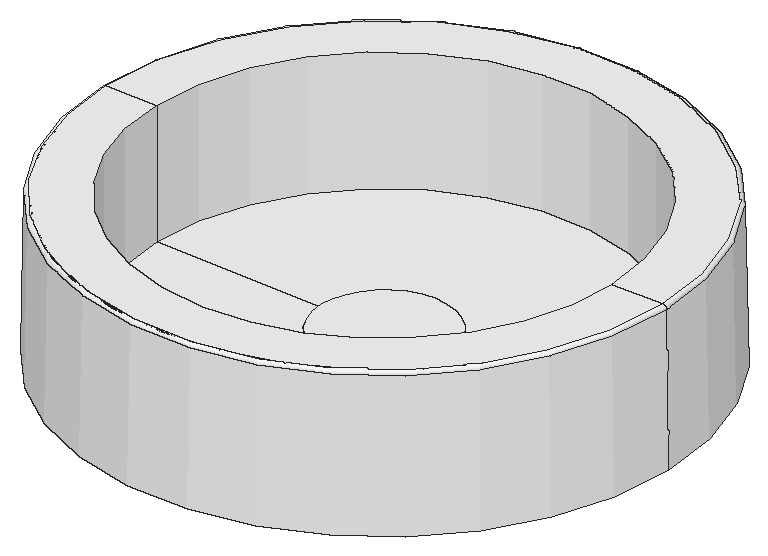
Revit family "NLRS_74_PF_UN_wastafel_S8VR1013000_SPHINX_BCB", category Plumbing Fixtures, Revit 2016
Family settings
  Part Type = Normal
  Round Connector Dimension = Use Radius
  OmniClass Number = 23.45.00.00
  OmniClass Title = Sanitary, Laundry, and Cleaning Equipment
  Work Plane-Based = No
  Always vertical = Yes
  Cut with Voids When Loaded = No
  Shared = No
  Room Calculation Point = No
Parameters
  NLRS_C_type = "Wastafel zonder kraangat en overloop"
  NLRS_C_serie = "300 Varicor"
  NLRS_C_revit_versie = "2016"
  NLRS_C_content_versie = "2.0"
  NLRS_C_content_provider = "BouwConnect"
  NLRS_C_content_datum_uitgifte = "APR-2018"
  NLRS_C_content_datum_gewijzigd = "APR-2018"
  NLRS_C_content_creator = "BouwConnect"
  NLRS_C_URL_product_data = "http://www.sphinx.nl/producten/wastafels-%7C-fonteinen/inbouwwastafels/sphinx-300-varicor-%7C-varicor-opzetwastafel-rc-474-cm/28442/"
  Waste Connection = yes
  WFU = 0
  URL = "http://www.sphinx.nl/"
  Type Comments = ""
  NLRS_S_gewicht = 10.00 kg
  NLRS_C_materiaal = none
  NLRS_C_lengte = 474 mm
  NLRS_C_hoogte = 122 mm
  NLRS_C_diameter_uit = 45 mm
  NLRS_C_diameter_in = 35 mm
  NLRS_C_breedte = 474 mm
  Model = "Varicor opbouwwastafel RC 47,4"  # constant formula
  Manufacturer = "Sphinx"  # constant formula
  Keynote = ""
  IfcTypeProduct = "IfcSanitaryTerminalType"
  IfcExportType = "SINK"
  IfcExportAs = "IfcSanitaryTerminalTypeEnum"
  IfcElement = "IfcFlowTerminal"
  NLRS_C_code_EAN = "8711754390577"
  Description = "wastafel"
  CWFU = 0
  NLRS_C_URL_BCB = "http://bcb-online.nl/?zoekterm=Sphinx+++%5bGeberit+B.V.%5d"
  Assembly Code = "47.11"
Reference planes
  plane 1 "Center (Front/Back)": y = 0
  plane 2: z = 0
  plane 3 "Center (Left/Right)": x = 0
Forms (mm)
  Revolve 1, solid, material "74_porcelein_wit", detail levels medium+fine
    sketch origin (0, 0, 0) x (1, 0, 0) y (0, 0, 1)
      loop
        line (-190, 122.002) -> (-232.051, 122.002)
        arc (-232.051, 122.002) -> (-234.154, 121.141) -> (-235.051, 119.054) r 3
        line (-235.051, 119.054) -> (-237.129, 0) -> (-53.403, 0)
        arc (-53.403, 0) -> (-50.203, -2.447) -> (-48.662, -6.169) r 7.754
        arc (-48.662, -6.169) -> (-46.633, -9.922) -> (-42.615, -11.357) r 5.96
        line (-42.615, -11.357) -> (-42.615, -7.431)
        arc (-42.615, -7.431) -> (-43.946, -6.928) -> (-44.675, -5.706) r 2.158
        line (-44.675, -5.706) -> (-44.909, -4.484)
        arc (-44.909, -4.484) -> (-47.944, 1.043) -> (-53.399, 4.206) r 11.754
        line (-53.399, 4.206) -> (-53.399, 20) -> (-190, 20) -> (-190, 122.002)
      axis (0, 122.002) -> (0, -11.357)
    angle from 0 to 360
  Extrusion 2, solid, material "74_porcelein_wit", detail levels medium+fine
    sketch origin (0, 0, 0) x (1, 0, 0) y (0, 1, 0)
      loop
        circle (0, 0) r 52.403
    from 12 to 22
  Extrusion 3, solid, material "74_porcelein_wit", detail levels coarse
    sketch origin (0, 0, 0) x (1, 0, 0) y (0, 1, 0)
      loop
        circle (0, 0) r 237
    from 0 to 122.002
  Extrusion 4, void, detail levels coarse
    sketch origin (-1000, 0, 0) x (1, 0, 0) y (0, 1, 0)
      loop
        circle (1000, 0) r 190
    from 20 to 175.605
  Extrusion 5, solid, not visible
    sketch origin (0, 0, -11.357) x (1, 0, 0) y (0, 1, 0)
      loop
        circle (0, 0) r 25
    from 0 to 5
Cuts and joins
  Extrusion 4 cuts Extrusion 3
Dimensions and locks
  aligned and locked: level to plane 2
Connectors
  piping at (0, 0, -11.357), diameter 50, driven by "WFU"
    settings: on Extrusion 5, index 1, connector inside diameter 50 mm, connector length 0 mm, flow factor 0, pipe flow 0.0 L/s, pressure drop 0.0 Pa, fitting loss kfactor 0, connector angle 0.00°, fixture units 0, engagement length 0 mm, angle of deflection 0.00°, flow configuration 3, flow direction 1, fitting loss method 0, system type 16, joint type 0, gender type 0, connector reference index -1, connector utility 0, adjustable connector no, is connector primary yes, connector description "out"
